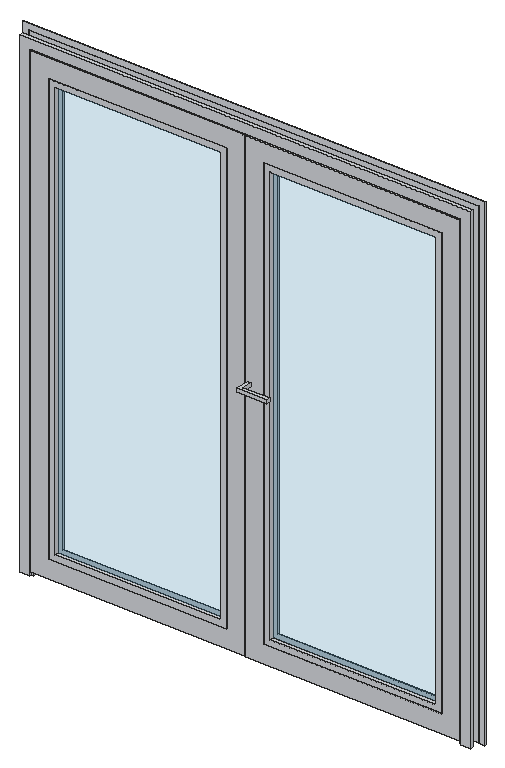
Revit family "a_reynaers_cs-59-functional_door_inside-opening-brush_doublerfa", category Windows, host Wall, Revit 2017
Family settings
  Host = Wall
  OmniClass Number = 23.30.20.00
  OmniClass Title = Windows
  Always vertical = Yes
  Cut with Voids When Loaded = No
  Shared = No
  Room Calculation Point = No
Parameters (values of type "Frame 67mm")
  Youtube clip = ""
  Width INT [instance] = 1950 mm
  Width EXT [instance] = 2000 mm
  Weight Net (Kg) = 0
  Wall Exterior Width = 90 mm
  Uniclass 2.0 Description = "Doors, Windows And Glazing Survey Systems"
  Uniclass 2.0 Code = "SS-10-50-25-25"
  Uniclass 1.4 Description = "Doors"
  Uniclass 1.4 Code = "JL20"
  URL = "http://www.reynaers.com/architects/products/cs-59-0"
  UNSPSC Code = "301715"
  Technical description = ""
  Region South America = "None"
  Region Oceania = "None"
  Region North America = "None"
  Region Middle East = "None"
  Region Europe = "AD, AL, AT, AX, BA, BE, BG, BY, CH, CS, CY, CZ, DE, DK, EE, ES, FI, FO, FR, GB, GG, GI, GR, HR, HU, IE, IM, IS, IT, JE, LI, LT, LU, LV, MC, MD, ME, MK, MT, NL, NO, PL, PT, RO, RS, RU, SE, SI, SJ, SK, SM, UA, VA, XK"
  Region Asia = "None"
  Region Antarctica = "None"
  Region Africa = "None"
  REY Website = "www.reynaers.com"
  REY Vent Width = 77 mm
  REY Vent & Gap & 20 = REY Vent Width + REY Gap Width + 20 mm  # 102 mm
  REY Sill Height = 0 mm  # constant formula
  REY Sill H = 0 mm  # constant formula
  REY Shutter Roll Material = none
  REY Shutter Roll Height = 200 mm
  REY Shutter Position = if(BE, 0 mm, REY Butt Strip Width)  # 25 mm
  REY Shutter Height = if(REY Shutter, REY Shutter Roll Height, 0 mm)  # 0 mm
  REY Shutter Depth = if(REY Shutter, 59 mm, 0 mm)  # 0 mm
  REY Shutter = no
  REY Rebate TOP B = if(BE, REY Rebate, 0 mm)  # 0 mm
  REY Rebate TOP A = if(NL, REY Rebate, 0 mm)  # 30 mm
  REY Rebate B = if(BE, REY Rebate, 0 mm)  # 0 mm
  REY Rebate A = if(NL, REY Rebate, 0 mm)  # 30 mm
  REY Rebate = 30 mm
  REY Profile Rebate = 25 mm
  REY Profile Color OUT [instance] = none
  REY Profile Color IN [instance] = none
  REY Panel Tickness [instance] = 24 mm
  REY Panel Material [instance] = Glass
  REY Panel Height [instance] = 1843 mm
  REY Panel Coverage = 19 mm
  REY Panel 1 Width [instance] = 754 mm
  REY Panel 1 Opening Direction Turn DIN R [instance] = yes
  REY Panel 1 Opening Direction Turn DIN L [instance] = no
  REY Offset Wall Ext Int B = if(BE, REY Offset Wall Ext Int, 0 mm)  # 0 mm
  REY Offset Wall Ext Int A = if(NL, REY Offset Wall Ext Int, 0 mm)  # 25 mm
  REY Offset Wall Ext Int = 25 mm
  REY Joint Width B = if(BE, REY Joint Width, 0 mm)  # 0 mm
  REY Joint Width A = if(NL, REY Joint Width, 0 mm)  # 8 mm
  REY Joint Width = 8 mm
  REY Joint Bottom = 0 mm
  REY Gap Width = 5 mm
  REY Gap Floor = 13 mm
  REY Frame Width = 67 mm
  REY Frame Position MID = REY Vent Width + REY Gap Width  # 82 mm
  REY Fixation Bottom = 33 mm
  REY Element Width [instance] = 1990 mm
  REY Element Height [instance] = 2220 mm
  REY Design = 0 mm  # constant formula
  REY Butt Strip Width = 25 mm
  REY Built-In Depth = 50 mm
  REY Brush Profile Height = 26 mm
  REY Block Frame = no
  QR code = "http://file-system.ru/catalog/zdaniya_i_sooruzheniya/eksterer/dveri/cs_59_pa_dveri/"
  Product group = "Windows Aluminium"
  Product family = "Windows & Doors"
  Product data url = "http://file-system.ru/catalog/zdaniya_i_sooruzheniya/eksterer/dveri/cs_59_pa_dveri/"
  Product certification = ""
  Product SKU = "Reynaers_door_Concept_system_59"
  Product Guid = "852ccc50-b7c0-491e-9302-473c1b46b10f"
  OmniClass Description = ""
  OmniClass Code = ""
  Nominal width = 0
  Nominal height = 0
  NL = yes
  NBS Reference Description = "Doors, Windows And Glazing Survey Systems"
  NBS Reference Code = "10-50-25-25"
  Material secondary = "Aluminium"
  Material main = "Aluminium"
  Manufacturer name = "Reynaers"
  Manufacturer country = "Belgium"
  Manufacturer = "Reynaers"
  Installation instructions = ""
  IFC Classification = "Door"
  Height INT [instance] = 2108 mm
  Height EXT [instance] = 2100 mm
  Height [instance] = Height EXT  # 2100 mm
  Edition number = 1
  EAN code = ""
  Design country = "Belgium"
  Default Sill Height = 0 mm
  Wall Closure = By host
  Width [instance] = Width EXT  # 2000 mm
  Date of publishing = "2015-11-19"
  COBIe Type Category = ""
  BE = no
  Analytic Construction = "<None>"
Reference planes
  plane 1 "Center (Front/Back)": y = 0
  plane 2 "Center (Left/Right)": x = 0
  plane 3 "REY L EXT": x = -1000
  plane 4 "REY R EXT": x = 1000
  plane 5 "Sill": z = 0
  plane 6 "REY Top EXT": z = 2100
  plane 7 "Exterior": y = 150
  plane 8 "Interior": y = -150
  plane 9 "REY Profile L": x = -970
  plane 10 "REY Profile Temp": x = -1000
  plane 11 "REY L INT Temp": x = -1000
  plane 12 "Wall Exterior Width": y = 60
  plane 13 "REY L INT": x = -975
  plane 14 "REY R INT Temp": x = 1000
  plane 15 "REY R INT": x = 975
  plane 16 "REY Top INT": z = 2075
  plane 17 "REY Top INT Temp": z = 2100
  plane 18 "REY Sill Bottom": z = 0
  plane 19 "REY Bottom INT": z = -33
  plane 20 "REY Shutter TOP": z = 2075
  plane 21 "REY Profile TOP": z = 2070
  plane 22 "REY Profile TOP Temp": z = 2100
  plane 23 "REY Profile Joint Temp": y = 60
  plane 24 "REY Profile Joint": y = 68
  plane 25 "REY Built-In-Depth": y = 18
  plane 26 "REY Frame L": x = -903
  plane 27 "REY Gap L": x = -898
  plane 28 "REY Vent L": x = -821
  plane 29 "REY Panel L": x = -840
  plane 30 "REY Profile A Rebate": x = -995
  plane 31 "REY Shutter": y = 68
  plane 32 "REY Profile Design": y = 68
  plane 33 "REY Panel OUT": y = 60
  plane 34 "REY Panel IN": y = 36
  plane 35 "REY Profile R": x = 970
  plane 36 "Mid Window": z = 990
  plane 37 "REY Panel TOP": z = 1940
  plane 38 "REY Gap TOP": z = 1998
  plane 39 "REY Frame TOP": z = 2003
  plane 40 "REY Vent TOP": z = 1921
  plane 41 "REY Shutter Position L": x = -995
  plane 42 "REY Shutter Position R": x = 995
  plane 43 "REY A Butt-Strip": x = -995
  plane 44 "REY Shutter Position TOP": z = 2095
  plane 45 "REY Frame R": x = 903
  plane 46 "REY GAP R": x = 898
  plane 47 "REY Vent R": x = 821
  plane 48 "REY Panel R": x = 840
  plane 49 "REY Door Profile Bottom": z = 13
  plane 50 "REY Door Gap Bottom": z = 39
  plane 51 "REY Panel Bottom": z = 97
  plane 52 "REY Vent Bottom": z = 116
  plane 53 "REY MID 1/2": x = 0
  plane 54 "REY Fixed Gap MID L": x = -3
  plane 55 "REY Fixed Gap MID R": x = 3
  plane 56 "REY Frame INT MID 1/2 L": x = -23
  plane 57 "REY Vent MID L": x = -105
  plane 58 "REY Vent MID R": x = 105
  plane 59 "REY Panel MID L": x = -86
  plane 60 "REY Panel MID R": x = 86
  plane 61 "REY Frame INT MID 1/2 R": x = 23
Forms (mm)
  Extrusion 1, void
    sketch origin (0, 0, 0) x (0, -1, 0) y (1, 0, 0)
      loop
        line (-150, -1000) -> (-60, -1000) -> (-60, 1000) -> (-150, 1000) -> (-150, -1000)
    from 0 to 2100
  Extrusion 2, void
    sketch origin (0, 0, 0) x (0, -1, 0) y (1, 0, 0)
      loop
        line (-60, -975) -> (150, -975) -> (150, 975) -> (-60, 975) -> (-60, -975)
    from -33 to 2075
  Sweep 3, solid, material <- "REY Profile Color OUT"
    path origin (0, 68, 0) x (-1, 0, 0) y (0, 0, 1)
      loop
        line (105, 116) -> (821, 116) -> (821, 1921) -> (105, 1921) -> (105, 116)
    profile origin (-821, 68, 1018.5) x (0, 1, 0) y (-1, 0, 0)
      loop
        line (0, 77) -> (-4.459, 77) -> (-4.459, 82) -> (-6.259, 82) -> (-6.259, 76.048) -> (-3.8, 76.048) -> (-3.8, 0) -> (0, 0) -> (0, 77)
  Sweep 4, solid, material <- "REY Profile Color IN"
    path origin (0, 18, 0) x (-1, 0, 0) y (0, 0, 1)
      loop
        line (821, 116) -> (821, 1921) -> (105, 1921) -> (105, 116) -> (821, 116)
    profile origin (-821, 18, 1018.5) x (1, 0, 0) y (0, 1, 0)
      loop
        line (-102, 4) -> (-102, 0) -> (-25, 0) -> (-25, 4) -> (-102, 4)
      loop
        line (-24, 18) -> (-24, 0) -> (0, 0) -> (0, 18) -> (-24, 18)
  Extrusion 5, solid, material "Glass" <- "REY Panel Material"
    sketch origin (0, 0, 52) x (0, 1, 0) y (-1, 0, 0)
      loop
        line (36, 840) -> (36, 86) -> (60, 86) -> (60, 840) -> (36, 840)
    from 45 to 1888
  Extrusion 6, solid, material <- "REY Profile Color OUT", visible <- "REY Shutter"
    sketch origin (0, 0, 0) x (0, -1, 0) y (1, 0, 0)
      loop
        line (-68, 995) -> (-127, 995) -> (-127, 966.665) -> (-122.8, 966.665) -> (-122.8, 993.165) -> (-104.8, 993.165) -> (-104.8, 966.665) -> (-68, 966.665) -> (-68, 995)
    from 0 to 2070
  Sweep 7, solid, material <- "REY Profile Color OUT", visible <- "NL"
    path origin (0, 68, 0) x (-1, 0, 0) y (0, 0, 1)
      loop
        line (970, 0) -> (970, 2070) -> (-970, 2070) -> (-970, 0)
    profile origin (-970, 68, 1035) x (1, 0, 0) y (0, 1, 0)
      loop
        line (0, 0) -> (-25, 0) -> (-25, -3.8) -> (0, -3.8) -> (0, 0)
  Extrusion 8, solid, material <- "REY Profile Color OUT", visible <- "REY Shutter"
    sketch origin (970, 0, 0) x (0, 1, 0) y (0, 0, -1)
      loop
        line (68, -2078.8) -> (68, -2080.4) -> (89.9, -2080.4)
        arc (89.9, -2080.4) -> (92.728, -2081.572) -> (93.9, -2084.4) r 4
        line (93.9, -2084.4) -> (93.9, -2111.4)
        arc (93.9, -2111.4) -> (90.707, -2119.107) -> (83, -2122.3) r 10.9
        line (83, -2122.3) -> (83, -2123.9)
        arc (83, -2123.9) -> (91.839, -2120.239) -> (95.5, -2111.4) r 12.5
        line (95.5, -2111.4) -> (95.5, -2084.4)
        arc (95.5, -2084.4) -> (93.86, -2080.44) -> (89.9, -2078.8) r 5.6
        line (89.9, -2078.8) -> (68, -2078.8)
    from 0 to 1940
  Extrusion 9, solid, material <- "REY Shutter Roll Material", visible <- "REY Shutter"
    sketch origin (970, 0, 0) x (0, 1, 0) y (0, 0, -1)
      loop
        line (60, -2075) -> (-150, -2075) -> (-150, -2085) -> (60, -2085) -> (60, -2075)
    from -5 to 1945
  Extrusion 10, solid, material <- "REY Profile Color OUT", visible <- "REY Shutter"
    sketch origin (0, 0, 0) x (0, -1, 0) y (1, 0, 0)
      loop
        line (-68, -995) -> (-68, -966.665) -> (-104.8, -966.665) -> (-104.8, -993.165) -> (-122.8, -993.165) -> (-122.8, -966.665) -> (-127, -966.665) -> (-127, -995) -> (-68, -995)
    from 0 to 2095
  Sweep 11, solid, material <- "REY Profile Color IN"
    path origin (0, 18, 0) x (-1, 0, 0) y (0, 0, 1)
      loop
        line (970, 0) -> (970, 2070) -> (-970, 2070) -> (-970, 0)
    profile origin (-970, 18, 1035) x (1, 0, 0) y (0, 1, 0)
      loop
        line (41, 9) -> (52, 9) -> (52, 13) -> (0, 13) -> (0, 0) -> (41, 0) -> (41, 9)
  Sweep 12, solid, material <- "REY Profile Color OUT"
    path origin (0, 68, 0) x (-1, 0, 0) y (0, 0, 1)
      loop
        line (970, 0) -> (970, 2070) -> (-970, 2070) -> (-970, 0)
    profile origin (-970, 68, 1035) x (1, 0, 0) y (0, 1, 0)
      loop
        line (0, 0) -> (0, -3.8) -> (67, -3.8) -> (67, 0) -> (0, 0)
  Extrusion 13, solid, material <- "REY Profile Color OUT"
    sketch origin (0, 0, 0) x (0, -1, 0) y (1, 0, 0)
      loop
        line (-68, -903) -> (-64.2, -903) -> (-64.2, 903) -> (-68, 903) -> (-68, -903)
    from 13 to 39
  Sweep 14, solid, material <- "REY Profile Color OUT"
    path origin (0, 68, 0) x (-1, 0, 0) y (0, 0, 1)
      loop
        line (-821, 1921) -> (-821, 116) -> (-105, 116) -> (-105, 1921) -> (-821, 1921)
    profile origin (821, 68, 1018.5) x (1, 0, 0) y (0, 1, 0)
      loop
        line (77, 0) -> (0, 0) -> (0, -3.8) -> (76.048, -3.8) -> (76.048, -6.259) -> (82, -6.259) -> (82, -4.459) -> (77, -4.459) -> (77, 0)
  Sweep 15, solid, material <- "REY Profile Color IN"
    path origin (0, 18, 0) x (-1, 0, 0) y (0, 0, 1)
      loop
        line (-821, 116) -> (-105, 116) -> (-105, 1921) -> (-821, 1921) -> (-821, 116)
    profile origin (821, 18, 1018.5) x (0, 1, 0) y (-1, 0, 0)
      loop
        line (4, -102) -> (4, -25) -> (0, -25) -> (0, -102) -> (4, -102)
      loop
        line (18, -24) -> (18, 0) -> (0, 0) -> (0, -24) -> (18, -24)
  Extrusion 16, solid, material "Glass" <- "REY Panel Material"
    sketch origin (0, 0, 97) x (0, -1, 0) y (1, 0, 0)
      loop
        line (-60, 86) -> (-36, 86) -> (-36, 840) -> (-60, 840) -> (-60, 86)
    from 0 to 1843
  Extrusion 17, solid, material <- "REY Profile Color OUT"
    sketch origin (0, 0, 39) x (0, -1, 0) y (1, 0, 0)
      loop
        line (-68, -23) -> (-64, -23) -> (-64, 23) -> (-68, 23) -> (-68, -23)
    from 0 to 1964
Lines and regions (mm)
  symbolic lines, style "Windows"
    curve 1: line (-903, 68, 0) -> (-970, 68, 0)
    curve 2: line (-903, 61.741, 0) -> (-903, 68, 0)
    curve 3: line (-928, 61.741, 0) -> (-928, 27, 0)
    curve 4: line (-903, 61.741, 0) -> (-928, 61.741, 0)
    curve 5: line (-821, 18, 0) -> (-923, 18, 0)
    curve 6: line (-923, 18, 0) -> (-923, 22, 0)
    curve 7: line (-898, 68, 0) -> (-898, 60, 0)
    curve 8: line (-821, 68, 0) -> (-898, 68, 0)
    curve 9: line (-923, 22, 0) -> (-923, 60, 0)
    curve 10: line (-923, 60, 0) -> (-898, 60, 0)
    curve 11: line (970, 68, 0) -> (970, 18, 0)
    curve 12: line (970, 18, 0) -> (928, 18, 0)
    curve 13: line (928, 18, 0) -> (928, 61.741, 0)
    curve 14: line (970, 68, 0) -> (903, 68, 0)
    curve 15: line (898, 68, 0) -> (898, 59.741, 0)
    curve 16: line (-3, 18, 0) -> (821, 18, 0)
    curve 17: line (-3, 22, 0) -> (-3, 18, 0)
    curve 18: line (923, 59.741, 0) -> (923, 22, 0)
    curve 19: line (898, 68, 0) -> (821, 68, 0)
    curve 20: line (-821, 68, 0) -> (-821, 18, 0)
    curve 21: line (821, 18, 0) -> (821, 68, 0)
    curve 22: line (821, 36, 0) -> (105, 36, 0)
    curve 23: line (970, 60, 2070) -> (970, 9, 2070)
    curve 24: line (970, 9, 2018) -> (970, 9, 2070)
    curve 25: line (970, 61.741, 2018) -> (970, 9, 2018)
    curve 26: line (970, 61.741, 2003) -> (970, 61.741, 2018)
    curve 27: line (970, 61.741, 2003) -> (970, 60, 2003)
    curve 28: line (970, 60, 2003) -> (970, 60, 2070)
    curve 30: line (970, 61.741, 1940) -> (970, 18, 1940)
    curve 31: line (970, 61.741, 1921) -> (970, 61.741, 1940)
    curve 32: line (970, 68, 1921) -> (970, 61.741, 1921)
    curve 33: line (970, 68, 1921) -> (970, 68, 1998)
    curve 34: line (970, 57.21, 1998) -> (970, 68, 1998)
    curve 35: line (970, 57.21, 1998) -> (970, 57.21, 2100)
    curve 36: line (970, 57.21, 2100) -> (970, 4, 2100)
    curve 37: line (970, 18, 2023) -> (970, 4, 2023)
    curve 38: line (970, 18, 1921) -> (970, 18, 2023)
    curve 39: line (970, 36, 1921) -> (970, 18, 1921)
    curve 40: line (970, 18, 1921) -> (970, 18, 1940)
    curve 41: line (970, 36, 1940) -> (970, 18, 1940)
    curve 42: line (970, 36, 1940) -> (970, 36, 1921)
    curve 62: line (-970, 18, 0) -> (-970, 68, 0)
    curve 63: line (-821, 60, 0) -> (-105, 60, 0)
    curve 64: line (903, 61.741, 0) -> (903, 68, 0)
    curve 65: line (903, 61.741, 0) -> (928, 61.741, 0)
    curve 66: line (898, 59.741, 0) -> (923, 59.741, 0)
    curve 80: line (-929, 27, 0) -> (-929, 18, 0)
    curve 81: line (-929, 18, 0) -> (-970, 18, 0)
    curve 87: line (-105, 36, 0) -> (-821, 36, 0)
    curve 88: line (105, 60, 0) -> (821, 60, 0)
    curve 89: line (3, 68, 39) -> (105, 68, 39)
    curve 90: line (3, 18, 39) -> (3, 68, 39)
    curve 91: line (105, 18, 39) -> (3, 18, 39)
    curve 92: line (105, 68, 39) -> (105, 18, 39)
    curve 93: line (-3, 68, 39) -> (-105, 68, 39)
    curve 94: line (-3, 18, 39) -> (-3, 68, 39)
    curve 95: line (-105, 18, 39) -> (-3, 18, 39)
    curve 96: line (-105, 68, 39) -> (-105, 18, 39)
  symbolic lines, style "Windows", not visible
    curve 29: line (970, 18, 1940) -> (970, 18, 2023)
  symbolic lines, style "Windows", visible <- "REY Block Frame"
    curve 43: line (970, 110, 0) -> (970, 68, 0)
  symbolic lines, style "Windows", visible <- "NL"
    curve 44: line (970, 2.2, 0) -> (970, 60, 0)
  symbolic lines, style "REY Draaisymbool Aanzicht Binnen", detail levels medium+fine
    curve 45: line (821, 18, 1921) -> (105, 18, 990)
    curve 46: line (105, 18, 990) -> (821, 18, 116)
  symbolic lines
    curve 47: line (-1000, 150, 0) -> (1000, 150, 0)
    curve 48: line (1000, -150, 0) -> (-1000, -150, 0)
  symbolic lines, style "Windows", visible <- "REY Shutter"
    curve 49: line (-995, 127, 0) -> (-966.665, 127, 0)
    curve 50: line (-966.665, 127, 0) -> (-966.665, 122.8, 0)
    curve 51: line (-966.665, 122.8, 0) -> (-993.165, 122.8, 0)
    curve 52: line (-993.165, 122.8, 0) -> (-993.165, 104.8, 0)
    curve 53: line (-993.165, 104.8, 0) -> (-966.665, 104.8, 0)
    curve 54: line (-966.665, 104.8, 0) -> (-966.665, 68, 0)
    curve 55: line (-995, 64, 0) -> (-995, 127, 0)
    curve 56: line (966.665, 127, 0) -> (970, 127, 0)
    curve 57: line (966.665, 122.8, 0) -> (966.665, 127, 0)
    curve 58: line (993.165, 122.8, 0) -> (966.665, 122.8, 0)
    curve 59: line (993.165, 104.8, 0) -> (993.165, 122.8, 0)
    curve 60: line (991.665, 104.8, 0) -> (993.165, 104.8, 0)
    curve 61: line (970, 68, 0) -> (991.665, 68, 0)
  symbolic lines, style "Windows", visible <- "REY Panel 1 Opening Direction Turn DIN R"
    curve 67: line (25.5, 18, 0) -> (10.5, 18, 0)
    curve 73: line (10.5, -39.5, 0) -> (10.5, 18, 0)
    curve 74: line (138, -39.5, 0) -> (10.5, -39.5, 0)
    curve 75: line (138, -24.5, 0) -> (138, -39.5, 0)
    curve 76: line (25.5, -24.5, 0) -> (138, -24.5, 0)
    curve 77: line (25.5, 18, 0) -> (25.5, -24.5, 0)
  symbolic lines, style "REY Draaisymbool Aanzicht Binnen"
    curve 68: line (-821, 18, 1921) -> (-105, 18, 990)
    curve 69: line (-105, 18, 990) -> (-821, 18, 116)
  symbolic lines, style "Windows", visible <- "REY Panel 1 Opening Direction Turn DIN L"
    curve 70: line (-10.5, -39.5, 0) -> (-10.5, 18, 0)
    curve 71: line (-25.5, 18, 0) -> (-25.5, -24.5, 0)
    curve 72: line (-138, -39.5, 0) -> (-10.5, -39.5, 0)
    curve 78: line (-138, -24.5, 0) -> (-138, -39.5, 0)
    curve 79: line (-25.5, -24.5, 0) -> (-138, -24.5, 0)
  symbolic lines, style "REY Draaisymbool Plan"
    curve 82: line (903, 68, 39) -> (903, -835, 39)
    curve 83: line (-903, 68, 39) -> (-903, -835, 39)
    curve 84: line (923, 18, 39) -> (821, 18, 39)
    curve 85: arc (0, 68, 39) -> (-264.483, -570.517, 39) -> (-903, -835, 39) r 903
    curve 86: arc (0, 68, 39) -> (264.483, -570.517, 39) -> (903, -835, 39) r 903
Text (mm)
  text "EXTERIOR" at (-1963.203, 1332.353, 0), in view "Ref. Level"
  text "INTERIOR" at (-1981.466, -818.386, 0), in view "Ref. Level"
  text "Exterior" at (0, 923.751, 2943.296), in view "Right"
  text "Exterior" at (0, 1040.484, 2685.409), in view "Left"
  text "EXT" at (0, 709.313, 2863.072), in view "Section 1"
Dimensions and locks
  equal spacing: plane 3 "REY L EXT", plane 2 "Center (Left/Right)", plane 4 "REY R EXT"
  "Width": plane 3 "REY L EXT" to plane 4 "REY R EXT"
  "Height": plane 5 "Sill" to plane 6 "REY Top EXT"
  "Default Sill Height": plane 5 "Sill" to level
  locked: plane 7 "Exterior" to host wall at 0
  locked: plane 8 "Interior" to host wall
  "Wall Exterior Width": plane 7 "Exterior" to plane 12 "Wall Exterior Width"
  "REY Rebate B": plane 10 "REY Profile Temp" to plane 3 "REY L EXT"
  "REY Rebate A": plane 10 "REY Profile Temp" to plane 9 "REY Profile L"
  "REY Offset Wall Ext Int B": plane 4 "REY R EXT" to plane 14 "REY R INT Temp"
  "REY Offset Wall Ext Int B": plane 11 "REY L INT Temp" to plane 3 "REY L EXT"
  "REY Offset Wall Ext Int A": plane 11 "REY L INT Temp" to plane 13 "REY L INT"
  "REY Offset Wall Ext Int A": plane 15 "REY R INT" to plane 14 "REY R INT Temp"
  "REY Offset Wall Ext Int A": plane 16 "REY Top INT" to plane 17 "REY Top INT Temp"
  "REY Offset Wall Ext Int B": plane 6 "REY Top EXT" to plane 17 "REY Top INT Temp"
  "Width INT": plane 13 "REY L INT" to plane 15 "REY R INT"
  "REY Joint Bottom": plane 5 "Sill" to plane 18 "REY Sill Bottom"
  "REY Fixation Bottom": plane 18 "REY Sill Bottom" to plane 19 "REY Bottom INT"
  "REY Shutter Height": plane 20 "REY Shutter TOP" to plane 16 "REY Top INT"
  "REY Rebate TOP B": plane 22 "REY Profile TOP Temp" to plane 6 "REY Top EXT"
  "REY Rebate TOP A": plane 22 "REY Profile TOP Temp" to plane 21 "REY Profile TOP"
  "REY Joint Width A": plane 24 "REY Profile Joint" to plane 23 "REY Profile Joint Temp"
  "REY Joint Width B": plane 12 "Wall Exterior Width" to plane 23 "REY Profile Joint Temp"
  "REY Built-In Depth": plane 32 "REY Profile Design" to plane 25 "REY Built-In-Depth"
  "REY Frame Width": plane 9 "REY Profile L" to plane 26 "REY Frame L"
  "REY Gap Width": plane 26 "REY Frame L" to plane 27 "REY Gap L"
  "REY Vent Width": plane 27 "REY Gap L" to plane 28 "REY Vent L"
  "REY Profile Rebate": plane 30 "REY Profile A Rebate" to plane 9 "REY Profile L"
  "REY Panel Coverage": plane 29 "REY Panel L" to plane 28 "REY Vent L"
  "REY Design": plane 31 "REY Shutter" to plane 32 "REY Profile Design"
  "REY Shutter Depth": plane 24 "REY Profile Joint" to plane 31 "REY Shutter"
  locked: plane 32 "REY Profile Design" to plane 33 "REY Panel OUT" at 8
  "REY Panel Tickness": plane 33 "REY Panel OUT" to plane 34 "REY Panel IN"
  equal spacing: plane 9 "REY Profile L", plane 2 "Center (Left/Right)", plane 35 "REY Profile R"
  Sweep 4 sketch curve to Sweep 4 sketch curve = 24 mm
  Sweep 4 sketch curve to Sweep 4 sketch curve = 1 mm
  Sweep 4 to Sweep 4 = 24 mm
  Sweep 4 to Sweep 4 = 1 mm
  "REY Vent Width": plane 40 "REY Vent TOP" to plane 38 "REY Gap TOP"
  "REY Gap Width": plane 38 "REY Gap TOP" to plane 39 "REY Frame TOP"
  "REY Panel Coverage": plane 40 "REY Vent TOP" to plane 37 "REY Panel TOP"
  "REY Shutter Position": plane 41 "REY Shutter Position L" to plane 9 "REY Profile L"
  "REY Shutter Position": plane 35 "REY Profile R" to plane 42 "REY Shutter Position R"
  Extrusion 6 sketch curve to Extrusion 6 sketch curve to Extrusion 6 sketch curve = 18 mm locked, 4.2 mm locked
  locked: Extrusion 6 sketch curve to Extrusion 6 sketch curve at 1.835
  locked: Extrusion 6 sketch curve to Extrusion 6 sketch curve at 28.335
  locked: Extrusion 6 sketch curve to Extrusion 6 sketch curve at 36.8
  plane 22 "REY Profile TOP Temp" to plane 36 "Mid Window" = 1110 mm
  "REY Butt Strip Width": plane 43 "REY A Butt-Strip" to plane 9 "REY Profile L"
  "REY Shutter Position": plane 44 "REY Shutter Position TOP" to plane 21 "REY Profile TOP"
  "REY Frame Width": plane 39 "REY Frame TOP" to plane 21 "REY Profile TOP"
  locked: Extrusion 8 sketch curve to plane 44 "REY Shutter Position TOP" at 14.6
  locked: Extrusion 8 sketch curve to plane 31 "REY Shutter" at 25.9
  Extrusion 9 to plane 6 "REY Top EXT" = 15 mm
  Extrusion 10 sketch curve to Extrusion 10 sketch curve to Extrusion 10 sketch curve = 18 mm locked, 4.2 mm locked
  locked: Extrusion 10 sketch curve to Extrusion 10 sketch curve at 1.835
  locked: Extrusion 10 sketch curve to Extrusion 10 sketch curve at 28.335
  locked: Extrusion 10 sketch curve to Extrusion 10 sketch curve at 36.8
  locked: Sweep 3 sketch curve to Sweep 3 sketch curve at 0.952
  locked: curve 3 to curve 9 at 5
  "REY Vent Width": plane 47 "REY Vent R" to plane 46 "REY GAP R"
  "REY Gap Width": plane 46 "REY GAP R" to plane 45 "REY Frame R"
  "REY Frame Width": plane 45 "REY Frame R" to plane 35 "REY Profile R"
  locked: curve 18 to curve 13 at 5
  "Height INT": plane 20 "REY Shutter TOP" to plane 19 "REY Bottom INT"
  "REY Element Width": plane 41 "REY Shutter Position L" to plane 42 "REY Shutter Position R"
  locked: nested 2 to Sweep 4 at 15
  "REY Panel Coverage": plane 47 "REY Vent R" to plane 48 "REY Panel R"
  locked: Sweep 4 to Sweep 11 sketch curve at 5
  locked: Sweep 4 sketch curve to plane 26 "REY Frame L" at 20
  "REY Gap Floor": plane 49 "REY Door Profile Bottom" to plane 18 "REY Sill Bottom"
  "REY Brush Profile Height": plane 50 "REY Door Gap Bottom" to plane 49 "REY Door Profile Bottom"
  "REY Vent Width": plane 52 "REY Vent Bottom" to plane 50 "REY Door Gap Bottom"
  "REY Panel Coverage": plane 52 "REY Vent Bottom" to plane 51 "REY Panel Bottom"
  locked: Extrusion 9 to plane 20 "REY Shutter TOP" at 10
  "REY Panel Height": plane 37 "REY Panel TOP" to plane 51 "REY Panel Bottom"
  plane 52 "REY Vent Bottom" to plane 49 "REY Door Profile Bottom" = 103 mm
  Sweep 11 sketch curve to Sweep 4 = 6 mm
  plane 41 "REY Shutter Position L" to Sweep 11 = 66 mm
  Sweep 11 to Sweep 4 = 6 mm
  Sweep 4 to Sweep 4 to Sweep 4 = 77 mm, 25 mm
  plane 54 "REY Fixed Gap MID L" to plane 53 "REY MID 1/2" to plane 55 "REY Fixed Gap MID R" = 3 mm locked, 3 mm locked
  "REY Vent & Gap & 20": plane 57 "REY Vent MID L" to plane 54 "REY Fixed Gap MID L"
  "REY Vent & Gap & 20": plane 55 "REY Fixed Gap MID R" to plane 58 "REY Vent MID R"
  "REY Panel Coverage": plane 57 "REY Vent MID L" to plane 59 "REY Panel MID L"
  "REY Panel Coverage": plane 60 "REY Panel MID R" to plane 58 "REY Vent MID R"
  "REY Frame Position MID": plane 57 "REY Vent MID L" to plane 56 "REY Frame INT MID 1/2 L"
  "REY Frame Position MID": plane 61 "REY Frame INT MID 1/2 R" to plane 58 "REY Vent MID R"
  plane 56 "REY Frame INT MID 1/2 L" to plane 53 "REY MID 1/2" to plane 61 "REY Frame INT MID 1/2 R" = 23 mm, 23 mm
  locked: Sweep 14 sketch curve to Sweep 14 sketch curve at 0.952
  Sweep 15 sketch curve to Sweep 15 sketch curve = 24 mm
  Sweep 15 sketch curve to Sweep 15 sketch curve = 1 mm
  locked: plane 45 "REY Frame R" to Sweep 15 sketch curve at 20
  plane 26 "REY Frame L" to plane 53 "REY MID 1/2" to plane 45 "REY Frame R" = 903 mm, 903 mm  (x4)
  locked: plane 55 "REY Fixed Gap MID R" to nested 1 at 15
  "REY Panel 1 Width": plane 29 "REY Panel L" to plane 59 "REY Panel MID L"
  radius of Extrusion 8 sketch curve = 4 mm
  radius of Extrusion 8 sketch curve = 10.9 mm
  aligned and locked: Extrusion 1 sketch curve to plane 3 "REY L EXT"
  aligned and locked: plane 4 "REY R EXT" to Extrusion 1 sketch curve
  aligned and locked: Extrusion 1 sketch curve to plane 12 "Wall Exterior Width"
  aligned and locked: plane 7 "Exterior" to Extrusion 1 sketch curve
  aligned and locked: Extrusion 1 to plane 6 "REY Top EXT"
  aligned and locked: Extrusion 2 sketch curve to plane 12 "Wall Exterior Width"
  aligned and locked: Extrusion 2 sketch curve to plane 8 "Interior"
  aligned and locked: plane 13 "REY L INT" to Extrusion 2 sketch curve
  aligned and locked: plane 15 "REY R INT" to Extrusion 2 sketch curve
  aligned and locked: Extrusion 2 to plane 19 "REY Bottom INT"
  aligned and locked: plane 20 "REY Shutter TOP" to Extrusion 2
  aligned and locked: Sweep 3 sketch curve to plane 28 "REY Vent L"  (x2)
  aligned and locked: Sweep 4 sketch curve to plane 28 "REY Vent L"
  aligned and locked: Sweep 4 sketch curve to plane 34 "REY Panel IN"
  aligned and locked: Extrusion 5 sketch curve to plane 34 "REY Panel IN"
  aligned and locked: Extrusion 5 sketch curve to plane 33 "REY Panel OUT"
  aligned and locked: Extrusion 5 sketch curve to plane 29 "REY Panel L"
  aligned and locked: Extrusion 5 to plane 37 "REY Panel TOP"
  aligned and locked: Extrusion 6 sketch curve to Extrusion 6 sketch curve
  aligned and locked: Extrusion 6 sketch curve to plane 31 "REY Shutter"
  aligned and locked: plane 42 "REY Shutter Position R" to Extrusion 6 sketch curve
  aligned and locked: plane 9 "REY Profile L" to Sweep 7 sketch curve  (x2)
  aligned and locked: plane 35 "REY Profile R" to Sweep 7 sketch curve
  aligned and locked: Sweep 7 sketch curve to plane 43 "REY A Butt-Strip"
  aligned and locked: plane 21 "REY Profile TOP" to Extrusion 6
  aligned and locked: plane 31 "REY Shutter" to Extrusion 8 sketch curve
  aligned and locked: Sweep 7 sketch curve to plane 21 "REY Profile TOP"
  aligned and locked: Extrusion 8 to plane 9 "REY Profile L"
  aligned and locked: Extrusion 9 sketch curve to plane 16 "REY Top INT"
  aligned and locked: plane 12 "Wall Exterior Width" to Extrusion 9 sketch curve
  aligned and locked: Sweep 4 to curve 6
  aligned and locked: curve 17 to Sweep 4
  aligned and locked: curve 20 to Sweep 4
  aligned and locked: curve 23 to plane 21 "REY Profile TOP"
  aligned and locked: Sweep 3 to curve 26
  aligned and locked: curve 27 to Sweep 3
  aligned and locked: Sweep 4 to curve 29
  aligned and locked: plane 37 "REY Panel TOP" to curve 30
  aligned and locked: Sweep 3 to curve 31
  aligned and locked: curve 32 to Sweep 3
  aligned and locked: curve 34 to Sweep 3
  aligned and locked: curve 37 to Sweep 4
  aligned and locked: curve 39 to Sweep 4
  aligned and locked: Sweep 4 to curve 40
  aligned and locked: plane 37 "REY Panel TOP" to curve 41
  aligned and locked: Sweep 4 to curve 42
  aligned and locked: Extrusion 10 sketch curve to plane 31 "REY Shutter"
  aligned and locked: Extrusion 10 sketch curve to plane 41 "REY Shutter Position L"
  aligned and locked: plane 44 "REY Shutter Position TOP" to Extrusion 10
  aligned and locked: curve 49 to Extrusion 10
  aligned and locked: Extrusion 10 to curve 51
  aligned and locked: curve 52 to Extrusion 10
  aligned and locked: curve 53 to Extrusion 10
  aligned and locked: curve 54 to Extrusion 10
  aligned and locked: curve 55 to Extrusion 10
  aligned and locked: curve 56 to Extrusion 6
  aligned and locked: curve 57 to Extrusion 6
  aligned and locked: curve 58 to Extrusion 6
  aligned and locked: curve 59 to Extrusion 6
  aligned and locked: Extrusion 6 to curve 60
  aligned and locked: plane 32 "REY Profile Design" to curve 1
  aligned and locked: plane 32 "REY Profile Design" to curve 8
  aligned and locked: plane 27 "REY Gap L" to Sweep 3 sketch curve
  aligned and locked: plane 26 "REY Frame L" to Sweep 3 sketch curve
  aligned and locked: curve 7 to plane 27 "REY Gap L"
  aligned and locked: Extrusion 10 sketch curve to Extrusion 10 sketch curve
  aligned and locked: curve 50 to Extrusion 10
  aligned and locked: curve 22 to plane 34 "REY Panel IN"
  aligned and locked: plane 25 "REY Built-In-Depth" to curve 5
  aligned and locked: curve 16 to Sweep 4
  aligned and locked: plane 46 "REY GAP R" to curve 15
  aligned and locked: curve 64 to plane 45 "REY Frame R"
  aligned and locked: nested 1 to plane 25 "REY Built-In-Depth"
  aligned and locked: nested 2 to curve 72
  aligned and locked: plane 25 "REY Built-In-Depth" to nested 2
  aligned and locked: curve 67 to nested 1
  aligned and locked: plane 31 "REY Shutter" to Sweep 7 sketch curve
  aligned and locked: Sweep 12 sketch curve to plane 26 "REY Frame L"
  aligned and locked: plane 32 "REY Profile Design" to Extrusion 13 sketch curve
  aligned and locked: plane 45 "REY Frame R" to Extrusion 13 sketch curve
  aligned and locked: plane 26 "REY Frame L" to Extrusion 13 sketch curve
  aligned and locked: Extrusion 13 to Sweep 3
  aligned and locked: curve 74 to nested 1
  aligned and locked: nested 1 to curve 76
  aligned and locked: curve 78 to nested 2
  aligned and locked: Extrusion 13 to plane 49 "REY Door Profile Bottom"
  aligned and locked: Extrusion 9 to plane 13 "REY L INT"
  aligned and locked: Extrusion 9 to plane 15 "REY R INT"
  aligned and locked: Extrusion 5 to plane 51 "REY Panel Bottom"
  aligned and locked: Sweep 11 sketch curve to plane 25 "REY Built-In-Depth"
  aligned and locked: curve 80 to Sweep 11
  aligned and locked: curve 9 to Sweep 4
  aligned and locked: plane 57 "REY Vent MID L" to Sweep 3 sketch curve
  aligned and locked: plane 52 "REY Vent Bottom" to Sweep 3 sketch curve
  aligned and locked: Sweep 3 sketch curve to plane 40 "REY Vent TOP"
  aligned and locked: plane 28 "REY Vent L" to Sweep 4 sketch curve
  aligned and locked: Sweep 4 sketch curve to plane 57 "REY Vent MID L"
  aligned and locked: plane 40 "REY Vent TOP" to Sweep 4 sketch curve
  aligned and locked: plane 52 "REY Vent Bottom" to Sweep 4 sketch curve
  aligned and locked: plane 40 "REY Vent TOP" to Sweep 14 sketch curve
  aligned and locked: plane 47 "REY Vent R" to Sweep 14 sketch curve  (x2)
  aligned and locked: plane 52 "REY Vent Bottom" to Sweep 14 sketch curve
  aligned and locked: plane 58 "REY Vent MID R" to Sweep 14 sketch curve
  aligned and locked: Sweep 14 sketch curve to plane 32 "REY Profile Design"
  aligned and locked: Sweep 14 sketch curve to plane 46 "REY GAP R"
  aligned and locked: Sweep 14 sketch curve to plane 45 "REY Frame R"
  aligned and locked: Sweep 15 sketch curve to plane 52 "REY Vent Bottom"
  aligned and locked: Sweep 15 sketch curve to plane 47 "REY Vent R"
  aligned and locked: Sweep 15 sketch curve to plane 40 "REY Vent TOP"
  aligned and locked: Sweep 15 sketch curve to plane 58 "REY Vent MID R"
  aligned and locked: plane 47 "REY Vent R" to Sweep 15 sketch curve
  aligned and locked: Sweep 15 sketch curve to plane 25 "REY Built-In-Depth"  (x2)
  aligned and locked: Sweep 15 sketch curve to plane 34 "REY Panel IN"
  aligned and locked: plane 59 "REY Panel MID L" to Extrusion 5 sketch curve
  aligned and locked: plane 60 "REY Panel MID R" to Extrusion 16 sketch curve
  aligned and locked: Extrusion 16 sketch curve to plane 48 "REY Panel R"
  aligned and locked: Extrusion 16 sketch curve to plane 34 "REY Panel IN"
  aligned and locked: plane 33 "REY Panel OUT" to Extrusion 16 sketch curve
  aligned and locked: Extrusion 16 to plane 37 "REY Panel TOP"
  aligned and locked: curve 45 to Sweep 14
  aligned and locked: plane 36 "Mid Window" to curve 45
  aligned and locked: plane 36 "Mid Window" to curve 68
  aligned and locked: Sweep 14 to curve 46
  aligned and locked: curve 69 to Sweep 3
  aligned and locked: plane 56 "REY Frame INT MID 1/2 L" to Extrusion 17 sketch curve
  aligned and locked: Extrusion 17 sketch curve to plane 61 "REY Frame INT MID 1/2 R"
  aligned and locked: Extrusion 17 to plane 39 "REY Frame TOP"
  aligned and locked: plane 53 "REY MID 1/2" to plane 2 "Center (Left/Right)"
  aligned and locked: curve 21 to plane 47 "REY Vent R"
  aligned and locked: curve 71 to nested 2
  aligned and locked: curve 70 to nested 2
  aligned and locked: curve 19 to plane 32 "REY Profile Design"
  aligned and locked: curve 14 to plane 32 "REY Profile Design"
  aligned and locked: curve 12 to plane 25 "REY Built-In-Depth"
  aligned and locked: curve 73 to nested 1
  aligned and locked: curve 77 to nested 1
  aligned and locked: curve 75 to nested 1
  aligned and locked: curve 89 to plane 32 "REY Profile Design"
  aligned and locked: curve 90 to plane 55 "REY Fixed Gap MID R"
  aligned and locked: plane 25 "REY Built-In-Depth" to curve 91
  aligned and locked: curve 92 to plane 58 "REY Vent MID R"
  aligned and locked: plane 32 "REY Profile Design" to curve 93
  aligned and locked: curve 94 to plane 54 "REY Fixed Gap MID L"
  aligned and locked: curve 95 to plane 25 "REY Built-In-Depth"
  aligned and locked: curve 96 to plane 57 "REY Vent MID L"
Automatic sketch dimensions
  Extrusion 8 sketch curve to Extrusion 8 sketch curve = 0 mm  (x3)
  Extrusion 8 sketch curve to Extrusion 8 sketch curve = 1.6 mm
  Extrusion 8 sketch curve to Extrusion 8 sketch curve = 27 mm
  Sweep 3 sketch curve to plane 32 "REY Profile Design" = 0 mm
  Sweep 3 sketch curve to plane 32 "REY Profile Design" = 3.8 mm
  Sweep 3 sketch curve to Sweep 3 sketch curve = 1.8 mm
  Sweep 7 sketch curve to plane 32 "REY Profile Design" = 3.8 mm
  Sweep 3 sketch curve to plane 32 "REY Profile Design" = 6.259 mm
  Sweep 7 sketch curve to level = 0 mm  (x2)
  Extrusion 13 sketch curve to plane 32 "REY Profile Design" = 3.8 mm
  Sweep 14 sketch curve to plane 32 "REY Profile Design" = 6.259 mm
  Sweep 14 sketch curve to plane 32 "REY Profile Design" = 3.8 mm
  Sweep 14 sketch curve to Sweep 14 sketch curve = 1.8 mm
  plane 33 "REY Panel OUT" to Extrusion 17 sketch curve = 8 mm
  plane 34 "REY Panel IN" to Extrusion 17 sketch curve = 28 mm
  Sweep 4 sketch curve to plane 25 "REY Built-In-Depth" = 0 mm  (x2)
  Sweep 4 sketch curve to Sweep 4 sketch curve = 4 mm
  Extrusion 9 sketch curve to host wall = 0 mm
  Extrusion 9 sketch curve to plane 20 "REY Shutter TOP" = 10 mm
  plane 6 "REY Top EXT" to curve 35 = 0 mm
  curve 33 to plane 31 "REY Shutter" = 0 mm
  curve 23 to plane 23 "REY Profile Joint Temp" = 0 mm
  plane 39 "REY Frame TOP" to curve 25 = 15 mm
  plane 33 "REY Panel OUT" to curve 35 = 2.79 mm
  host wall to curve 23 = 9 mm
  host wall to curve 37 = 4 mm
  host wall to curve 36 = 4 mm
  host wall to curve 48 = 0 mm
  curve 48 to plane 11 "REY L INT Temp" = 0 mm
  curve 47 to host wall = 0 mm
  curve 47 to plane 3 "REY L EXT" = 0 mm
  curve 47 to plane 4 "REY R EXT" = 0 mm
  plane 23 "REY Profile Joint Temp" to curve 44 = 0 mm
  curve 44 to plane 35 "REY Profile R" = 0 mm
  curve 48 to plane 14 "REY R INT Temp" = 0 mm
  curve 44 to host wall = 2.2 mm
  curve 45 to plane 58 "REY Vent MID R" = 0 mm
  curve 69 to plane 57 "REY Vent MID L" = 0 mm
  curve 68 to plane 28 "REY Vent L" = 0 mm
  curve 46 to plane 52 "REY Vent Bottom" = 0 mm
  curve 69 to plane 52 "REY Vent Bottom" = 0 mm
  curve 68 to plane 40 "REY Vent TOP" = 0 mm
  curve 45 to plane 40 "REY Vent TOP" = 0 mm
  Sweep 11 sketch curve to plane 21 "REY Profile TOP" = 0 mm
  plane 35 "REY Profile R" to Sweep 11 sketch curve = 0 mm
  Sweep 11 sketch curve to plane 9 "REY Profile L" = 0 mm
  Sweep 11 sketch curve to level = 0 mm  (x2)
  Sweep 11 sketch curve to profile plane = 0 mm
  plane 25 "REY Built-In-Depth" to Sweep 11 sketch curve = 9 mm
  Sweep 11 sketch curve to Sweep 11 sketch curve = 4 mm
  Sweep 12 sketch curve to plane 21 "REY Profile TOP" = 0 mm
  plane 35 "REY Profile R" to Sweep 12 sketch curve = 0 mm
  Sweep 12 sketch curve to plane 9 "REY Profile L" = 0 mm
  Sweep 12 sketch curve to level = 0 mm  (x2)
  Sweep 12 sketch curve to profile plane = 0 mm
  Sweep 12 sketch curve to plane 32 "REY Profile Design" = 0 mm
  Sweep 12 sketch curve to Sweep 12 sketch curve = 3.8 mm
  plane 25 "REY Built-In-Depth" to Sweep 15 sketch curve = 4 mm
  curve 2 to plane 26 "REY Frame L" = 0 mm
  curve 10 to plane 33 "REY Panel OUT" = 0 mm
  curve 62 to plane 9 "REY Profile L" = 0 mm
  curve 62 to plane 25 "REY Built-In-Depth" = 0 mm
  curve 11 to plane 35 "REY Profile R" = 0 mm
  plane 33 "REY Panel OUT" to curve 88 = 0 mm
  curve 63 to plane 33 "REY Panel OUT" = 0 mm
  curve 87 to plane 34 "REY Panel IN" = 0 mm
  curve 70 to plane 25 "REY Built-In-Depth" = 0 mm
  curve 71 to plane 25 "REY Built-In-Depth" = 0 mm
  curve 63 to plane 57 "REY Vent MID L" = 0 mm
  curve 87 to plane 57 "REY Vent MID L" = 0 mm
  curve 88 to plane 58 "REY Vent MID R" = 0 mm
  curve 22 to plane 58 "REY Vent MID R" = 0 mm
  curve 56 to plane 35 "REY Profile R" = 0 mm
  plane 33 "REY Panel OUT" to curve 65 = 1.741 mm
  plane 33 "REY Panel OUT" to curve 4 = 1.741 mm
  curve 66 to plane 33 "REY Panel OUT" = 0.259 mm
  curve 6 to curve 5 = 4 mm
  curve 79 to curve 72 = 15 mm
  curve 43 to curve 59 = 5.2 mm
  curve 55 to plane 31 "REY Shutter" = 4 mm
  curve 3 to curve 6 = 5 mm
  curve 80 to curve 3 = 0 mm
  plane 25 "REY Built-In-Depth" to curve 18 = 4 mm
  curve 17 to curve 16 = 4 mm
  curve 66 to plane 45 "REY Frame R" = 20 mm
  plane 4 "REY R EXT" to curve 60 = 8.335 mm
  plane 4 "REY R EXT" to curve 61 = 8.335 mm
  curve 82 to plane 45 "REY Frame R" = 0 mm
  curve 83 to plane 26 "REY Frame L" = 0 mm
  curve 86 to plane 31 "REY Shutter" = 0 mm
  curve 85 to plane 2 "Center (Left/Right)" = 0 mm
  curve 85 to plane 31 "REY Shutter" = 0 mm
  curve 82 to plane 31 "REY Shutter" = 0 mm
  curve 83 to plane 31 "REY Shutter" = 0 mm
  curve 84 to plane 25 "REY Built-In-Depth" = 0 mm
  curve 86 to plane 2 "Center (Left/Right)" = 0 mm
  curve 84 to plane 47 "REY Vent R" = 0 mm
  curve 84 to plane 45 "REY Frame R" = 20 mm
Nested families
  nested 1: "REY Handle Door" at (18, 18, 1077.5), REY Handle Color <- "REY Profile Color IN", visible <- "REY Panel 1 Opening Direction Turn DIN R", type "REY Handle Door"
    with REY Handle Color none
  nested 2: "REY Handle Door" at (-18, 18, 1077.5) x (-1, 0, 0) z (0, 0, 1), REY Handle Color <- "REY Profile Color IN", visible <- "REY Panel 1 Opening Direction Turn DIN L", type "REY Handle Door"
    with REY Handle Color none
Definition of nested family "REY Handle Door"
  Parameters
    REY Handle Color [instance] = none
  Reference planes
    plane 1 "Center (Front/Back)": y = 0
    plane 2: z = 0
    plane 3 "Center (Left/Right)": x = 0
  Forms (mm)
    Sweep 1, solid, material <- "REY Handle Color"
      path origin (0, 0, 0) x (1, 0, 0) y (0, 1, 0)
        loop
          line (0, 0) -> (0, -50) -> (120, -50)
      profile origin (0, -25, 0) x (1, 0, 0) y (0, 0, 1)
        loop
          line (-7.5, 0) -> (-7.5, -15) -> (7.5, -15) -> (7.5, 0) -> (-7.5, 0)
  Dimensions and locks
    Sweep 1 sketch curve to profile plane to Sweep 1 sketch curve = 7.5 mm, 7.5 mm
    aligned and locked: level to plane 2
